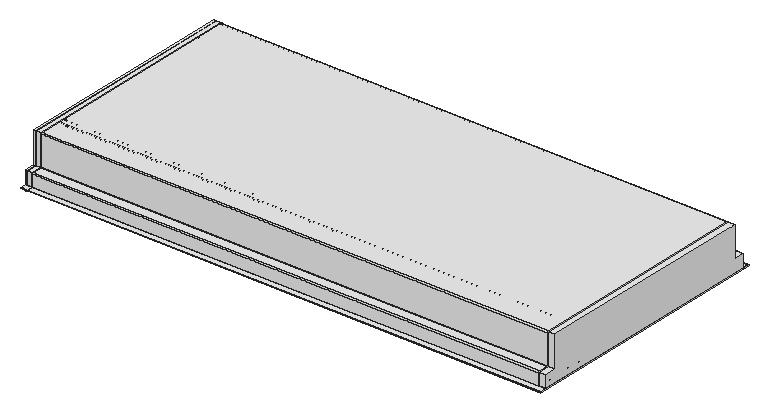
Revit family "MBH1", category Lighting Fixtures, host Ceiling, Revit 2019
Family settings
  Host = Ceiling
  Round Connector Dimension = Use Diameter
  Part Type = Normal
  OmniClass Number = 23.80.70.11.14.17
  OmniClass Title = Direct/Indirect
  Always vertical = Yes
  Cut with Voids When Loaded = No
  Light Source = Yes
  Shared = No
  Room Calculation Point = No
Parameters (values of type "MBH1x2X4-LED840K45_80LUNV-C84G-P08")
  Width = 1' - 11 3/4"
  Wattage = 113 W
  built-in parameter 1150110 = 1 (stored number, unit not read)
  Voltage = 120 V
  URL = "https://www.viscor.com/en/products/md1u-patient-room"
  built-in parameter 1114217 = 0.9 (stored number, unit not read)
  Tilt Angle = 90.00°
  built-in parameter 1150109 = 1 (stored number, unit not read)
  built-in parameter 1150134 = 12
  built-in parameter 1150113 = 1 (stored number, unit not read)
  Photometric Web File = "MBH1x2X4-LED840K45_80LUNV-C84G-P08.ies"
  Model = "MD1U Patient Room"  # constant formula
  Manufacturer = "CERTOLUX by VISCOR"  # constant formula
  Lumens = 12543 lm
  built-in parameter 1150115 = 1 (stored number, unit not read)
  built-in parameter 1150105 = 998.14 (stored number, unit not read)
  built-in parameter 1150137 = (empty or 0)
  built-in parameter 1150139 = (empty or 0)
  Lens Finish = Polycarbonate - Viscor - Clear Flat Smooth Lens
  Length = 3' - 11 3/4"
  Lamp Wattage = 113 VA
  built-in parameter 1150112 = 1 (stored number, unit not read)
  built-in parameter 1150114 = 1 (stored number, unit not read)
  Lamp = "LED"  # constant formula
  built-in parameter 1150132 = (empty or 0)
  built-in parameter 1150102 = (empty or 0)
  built-in parameter 1150138 = (empty or 0)
  built-in parameter 1150107 = 4000 (stored number, unit not read)
  built-in parameter 1150106 = 9.9814 (stored number, unit not read)
  Housing Finish = Metal - Viscor - White
  Emit from Rectangle Width = Width  # 1' - 11 3/4"
  Emit from Rectangle Length = Length  # 3' - 11 3/4"
  Emit Shape Visible in Rendering = no
  built-in parameter 1150104 = 10.312 (stored number, unit not read)
  Dimming Lamp Color Temperature Shift = <None>
  Diffuser Finish = Polycarbonate - Viscor - Frosted Formed
  Description = "LED Medical 1 Recessed Patient Room"  # constant formula
  Color Filter = 16777215
  built-in parameter 1114218 = 1 (stored number, unit not read)
  built-in parameter 1150133 = 10 (stored number, unit not read)
  Assembly Code = "D5020200"
  Apparent Load = Lamp Wattage  # 113 VA
Types (5): name | Wattage | Photometric Web File | Lumens | built-in parameter 1150105 | Length | Lamp Wattage | built-in parameter 1150106 | Emit from Rectangle Length | built-in parameter 1150104 | Apparent Load
  (no name) | 113 W | "MBH1x2X4-LED840K45_80LUNV-C84G-P08.ies" | 12543 lm | 998.14 (stored number, unit not read) | 3' - 11 3/4" | 113 VA | 9.9814 (stored number, unit not read) | 3' - 11 3/4" | 10.312 (stored number, unit not read) | 113 VA
  MBH1x2X2-LED840K30LUNV-C84G-P08 | 27 W | "MBH1x2X2-LED840K30LUNV-C84G-P08.ies" | 2997 lm | 238.49 (stored number, unit not read) | 1' - 11 3/4" | 27 VA | 2.3849 (stored number, unit not read) | 1' - 11 3/4" | 10.312 (stored number, unit not read) | 27 VA
  MBH1x2X4-LED840K45_80LUNV-C84G-P08 | 113 W | "MBH1x2X4-LED840K45_80LUNV-C84G-P08.ies" | 12543 lm | 998.14 (stored number, unit not read) | 3' - 11 3/4" | 113 VA | 9.9814 (stored number, unit not read) | 3' - 11 3/4" | 10.312 (stored number, unit not read) | 113 VA
  MBH1x2X2-LED840K30_60LUNV-C84G-P08 | 79 W | "MBH1x2X2-LED840K30_60LUNV-C84G-P08.ies" | 9006 lm | 716.67 (stored number, unit not read) | 1' - 11 3/4" | 79 VA | 7.1667 (stored number, unit not read) | 1' - 11 3/4" | 10.591 (stored number, unit not read) | 79 VA
  MBH1x2X4-LED840K45LUNV-C84G-P08 | 40 W | "MBH1x2X4-LED840K45LUNV-C84G-P08.ies" | 4480 lm | 356.51 (stored number, unit not read) | 3' - 11 3/4" | 40 VA | 3.5651 (stored number, unit not read) | 3' - 11 3/4" | 10.405 (stored number, unit not read) | 40 VA
Reference planes (in)
  plane 1 "Light Source Axis (F/B)": y = 0
  plane 2 "Ceiling": z = 96
  plane 3 "Light Source Axis (L/R)": x = 0
  plane 4 "Light Source Elevation": z = 96
  plane 5: y = 11.875
  plane 6: y = -11.875
  plane 7 "Left": x = -23.875
  plane 8 "Right": x = 23.875
  plane 9: x = -23.25
  plane 10: x = 23.25
  plane 11: x = -22.625
  plane 12: x = 22.625
  plane 13 "USofFrame": z = 96.045
  plane 14: y = -11.25
  plane 15: y = 11.25
  plane 16 "Lens": z = 96.17
  plane 17: x = -22
  plane 18: x = 22
Forms (in)
  Extrusion 1, solid, material "Metal - Viscor - White" <- "Housing Finish"
    sketch origin (0, 0, 0) x (0, 1, 0) y (0, 0, 1)
      loop
        arc (11.3015, 97.168) -> (11.28217, 97.21467) -> (11.2355, 97.234) r 0.066
        line (11.2355, 97.234) -> (10.3115, 97.234)
        arc (10.3115, 97.234) -> (10.29029, 97.24279) -> (10.2815, 97.264) r 0.03
        line (10.2815, 97.264) -> (10.2815, 100.007)
        arc (10.2815, 100.007) -> (10.26217, 100.05367) -> (10.2155, 100.073) r 0.066
        line (10.2155, 100.073) -> (-10.2155, 100.073)
        arc (-10.2155, 100.073) -> (-10.26217, 100.05367) -> (-10.2815, 100.007) r 0.066
        line (-10.2815, 100.007) -> (-10.2815, 97.264)
        arc (-10.2815, 97.264) -> (-10.29029, 97.24279) -> (-10.3115, 97.234) r 0.03
        line (-10.3115, 97.234) -> (-11.2355, 97.234)
        arc (-11.2355, 97.234) -> (-11.28217, 97.21467) -> (-11.3015, 97.168) r 0.066
        line (-11.3015, 97.168) -> (-11.3015, 96.073) -> (-11.26634, 96.073) -> (-11.26634, 97.168)
        arc (-11.26634, 97.168) -> (-11.25731, 97.18981) -> (-11.2355, 97.19884) r 0.03084
        line (-11.2355, 97.19884) -> (-10.3115, 97.19884)
        arc (-10.3115, 97.19884) -> (-10.26543, 97.21793) -> (-10.24634, 97.264) r 0.06516
        line (-10.24634, 97.264) -> (-10.24634, 100.007)
        arc (-10.24634, 100.007) -> (-10.23731, 100.02881) -> (-10.2155, 100.03784) r 0.03084
        line (-10.2155, 100.03784) -> (10.2155, 100.03784)
        arc (10.2155, 100.03784) -> (10.23731, 100.02881) -> (10.24634, 100.007) r 0.03084
        line (10.24634, 100.007) -> (10.24634, 97.264)
        arc (10.24634, 97.264) -> (10.26543, 97.21793) -> (10.3115, 97.19884) r 0.06516
        line (10.3115, 97.19884) -> (11.2355, 97.19884)
        arc (11.2355, 97.19884) -> (11.25731, 97.18981) -> (11.26634, 97.168) r 0.03084
        line (11.26634, 97.168) -> (11.26634, 96.073) -> (11.3015, 96.073) -> (11.3015, 97.168)
    from -23.25 to 23.25
  Extrusion 2, solid
    sketch origin (0, 0, 0) x (0, 1, 0) y (0, 0, 1)
      loop
        arc (7.664, 100.03702) -> (7.61097, 100.01506) -> (7.58901, 99.96204) r 0.07499
        line (7.58901, 99.96204) -> (7.589, 99.487)
        arc (7.589, 99.487) -> (7.57758, 99.45942) -> (7.55, 99.448) r 0.039
        line (7.55, 99.448) -> (-7.55, 99.448)
        arc (-7.55, 99.448) -> (-7.57758, 99.45942) -> (-7.589, 99.487) r 0.039
        line (-7.589, 99.487) -> (-7.589, 99.96195)
        arc (-7.589, 99.96195) -> (-7.61097, 100.01498) -> (-7.664, 100.037) r 0.075
        line (-7.664, 100.037) -> (-8.214, 100.037) -> (-8.214, 100.00184) -> (-7.664, 100.00179)
        arc (-7.664, 100.00179) -> (-7.63583, 99.99012) -> (-7.62416, 99.96195) r 0.03984
        line (-7.62416, 99.96195) -> (-7.62416, 99.487)
        arc (-7.62416, 99.487) -> (-7.60244, 99.43456) -> (-7.55, 99.41284) r 0.07416
        line (-7.55, 99.41284) -> (7.55, 99.41284)
        arc (7.55, 99.41284) -> (7.60244, 99.43456) -> (7.62417, 99.487) r 0.07416
        line (7.62417, 99.487) -> (7.62417, 99.96204)
        arc (7.62417, 99.96204) -> (7.63583, 99.9902) -> (7.664, 100.00187) r 0.03983
        line (7.664, 100.00187) -> (8.214, 100.00187) -> (8.214, 100.03702) -> (7.664, 100.03702)
    from -23.25 to 23.25
  Extrusion 3, solid, material "Metal - Viscor - White" <- "Housing Finish"
    sketch origin (0, 0, 0) x (0, 1, 0) y (0, 0, 1)
      loop
        line (11.299, 96.095) -> (11.299, 97.234) -> (10.2815, 97.234) -> (10.2815, 100.073) -> (-10.2815, 100.073) -> (-10.2815, 97.234) -> (-11.3015, 97.234) -> (-11.3015, 96.095) -> (11.299, 96.095)
    from -23.875 to -23.25
  Extrusion 4, void
    sketch origin (-23.25, 0, 0) x (0, -1, 0) y (0, 0, 1)
      loop
        line (10.24634, 100.03784) -> (-10.24634, 100.03784) -> (-10.24634, 97.19884) -> (-11.26384, 97.19884) -> (-11.26384, 95.874) -> (11.26634, 95.874) -> (11.26634, 97.19884) -> (10.24634, 97.19884) -> (10.24634, 100.03784)
    from 0 to 0.47339
  Extrusion 5, solid, material "Metal - Viscor - White" <- "Housing Finish"
    sketch origin (0, 0, 0) x (0, 1, 0) y (0, 0, -1)
      loop
        line (11.299, -96.095) -> (-11.3015, -96.095) -> (-11.3015, -97.234) -> (-10.2815, -97.234) -> (-10.2815, -100.073) -> (10.2815, -100.073) -> (10.2815, -97.234) -> (11.299, -97.234) -> (11.299, -96.095)
    from -23.875 to -23.25
  Extrusion 6, void
    sketch origin (23.25, 0, 0) x (0, -1, 0) y (0, 0, -1)
      loop
        line (10.24634, -100.03784) -> (10.24634, -97.19884) -> (11.26634, -97.19884) -> (11.26634, -96.13016) -> (-11.26384, -96.13016) -> (-11.26384, -97.19884) -> (-10.24634, -97.19884) -> (-10.24634, -100.03784) -> (10.24634, -100.03784)
    from 0 to 0.47339
  Extrusion 7, solid, material "Metal - Viscor - White" <- "Housing Finish"
    sketch origin (0, 0, 0) x (0, 1, 0) y (0, 0, 1)
      loop
        line (10.39827, 96.724) -> (9.1406, 97.23213) -> (7.45632, 99.38791)
        arc (7.45632, 99.38791) -> (7.43432, 99.40566) -> (7.40677, 99.412) r 0.063
        line (7.40677, 99.412) -> (6.8125, 99.412) -> (6.8125, 99.38075) -> (7.42226, 99.38075) -> (9.12113, 97.20629) -> (10.38657, 96.69503) -> (10.39827, 96.724)
    from -22.625 to 22.625
  Extrusion 8, solid, material "Metal - Viscor - White" <- "Housing Finish"
    sketch origin (0, 0, 0) x (0, -1, 0) y (0, 0, -1)
      loop
        line (10.39827, -96.724) -> (10.38657, -96.69503) -> (9.12113, -97.20629) -> (7.42226, -99.38075) -> (6.8125, -99.38075) -> (6.8125, -99.412) -> (7.40677, -99.412)
        arc (7.40677, -99.412) -> (7.43432, -99.40566) -> (7.45632, -99.38791) r 0.063
        line (7.45632, -99.38791) -> (9.1406, -97.23213) -> (10.39827, -96.724)
    from -22.625 to 22.625
  Extrusion 9, solid, material "Metal - Viscor - White" <- "Housing Finish"
    sketch origin (0, 0, 0) x (0, 1, 0) y (0, 0, 1)
      loop
        line (11.8745, 96) -> (11.8745, 96.04687) -> (11.2715, 96.04688)
        arc (11.2715, 96.04688) -> (11.24313, 96.05863) -> (11.23067, 96.087) r 0.04012
        line (11.23067, 96.087) -> (11.23067, 96.63488) -> (-11.23138, 96.63488) -> (-11.23138, 96.087)
        arc (-11.23138, 96.087) -> (-11.24313, 96.05863) -> (-11.2715, 96.04687) r 0.04012
        line (-11.2715, 96.04687) -> (-11.8745, 96.04687) -> (-11.8745, 96) -> (-11.2715, 96)
        arc (-11.2715, 96) -> (-11.20998, 96.02548) -> (-11.1845, 96.087) r 0.087
        line (-11.1845, 96.087) -> (-11.1845, 96.588) -> (11.18379, 96.588) -> (11.1845, 96.087)
        arc (11.1845, 96.087) -> (11.20998, 96.02548) -> (11.2715, 96) r 0.087
        line (11.2715, 96) -> (11.8745, 96)
    from -23.875 to 23.875
  Extrusion 10, solid, material "Metal - Viscor - White" <- "Housing Finish"
    sketch origin (0, 0, 96) x (1, 0, 0) y (0, 1, 0)
      loop
        line (-23.875, -11.875) -> (-23.25, -11.875) -> (-23.25, 11.875) -> (-23.875, 11.875) -> (-23.875, -11.875)
    from 0 to 0.045
  Extrusion 11, solid, material "Metal - Viscor - White" <- "Housing Finish"
    sketch origin (0, 0, 96) x (1, 0, 0) y (0, 1, 0)
      loop
        line (23.25, -11.875) -> (23.875, -11.875) -> (23.875, 11.875) -> (23.25, 11.875) -> (23.25, -11.875)
    from 0 to 0.045
  Extrusion 12, solid, material "Metal - Viscor - White" <- "Housing Finish"
    sketch origin (0, 0, 96) x (1, 0, 0) y (0, 1, 0)
      loop
        line (-23.25, -11.25) -> (23.25, -11.25) -> (23.25, 11.25) -> (-23.25, 11.25) -> (-23.25, -11.25)
      loop
        line (-22, -10) -> (22, -10) -> (22, 10) -> (-22, 10) -> (-22, -10)
    from 0 to 0.045
  Extrusion 13, void
    sketch origin (0, 0, 96) x (1, 0, 0) y (0, 1, 0)
      loop
        line (-22.25, -10.25) -> (22.25, -10.25) -> (22.25, 10.25) -> (-22.25, 10.25) -> (-22.25, -10.25)
    from 0.045 to 0.17
  Extrusion 14, void
    sketch origin (43.99109, -53.88196, 0) x (1, 0, 0) y (0, 1, 0)
      loop
        line (-67.86609, 65.75696) -> (-67.86609, 42.00696) -> (-20.11609, 42.00696) -> (-20.11609, 65.75696) -> (-67.86609, 65.75696)
    from 95.9005 to 100.5
  Extrusion 15, solid, material "Polycarbonate - Viscor - Frosted Formed" <- "Diffuser Finish"
    sketch origin (0, 0, 0) x (0, 1, 0) y (0, 0, 1)
      loop
        line (9.88126, 96.04603) -> (2.53279, 97.20992)
        arc (2.53279, 97.20992) -> (2.47234, 97.19456) -> (2.44186, 97.14015) r 0.079
        line (2.44186, 97.14015) -> (2.37415, 96.49592)
        arc (2.37415, 96.49592) -> (2.36146, 96.47102) -> (2.33537, 96.461) r 0.039
        line (2.33537, 96.461) -> (-2.33537, 96.461)
        arc (-2.33537, 96.461) -> (-2.36146, 96.47102) -> (-2.37415, 96.49592) r 0.039
        line (-2.37415, 96.49592) -> (-2.44186, 97.14015)
        arc (-2.44186, 97.14015) -> (-2.47234, 97.19456) -> (-2.53279, 97.20992) r 0.079
        line (-2.53279, 97.20992) -> (-9.88126, 96.04603) -> (-9.875, 96.00652) -> (-2.52653, 97.17041)
        arc (-2.52653, 97.17041) -> (-2.49669, 97.16283) -> (-2.48165, 97.13596) r 0.039
        line (-2.48165, 97.13596) -> (-2.41394, 96.49174)
        arc (-2.41394, 96.49174) -> (-2.38823, 96.44129) -> (-2.33537, 96.421) r 0.079
        line (-2.33537, 96.421) -> (2.33537, 96.421)
        arc (2.33537, 96.421) -> (2.38823, 96.44129) -> (2.41394, 96.49174) r 0.079
        line (2.41394, 96.49174) -> (2.48165, 97.13596)
        arc (2.48165, 97.13596) -> (2.49669, 97.16283) -> (2.52653, 97.17041) r 0.039
        line (2.52653, 97.17041) -> (9.875, 96.00652) -> (9.88126, 96.04603)
    from -22 to 22
  Extrusion 16, solid, material "Polycarbonate - Viscor - Clear Flat Smooth Lens" <- "Lens Finish"
    sketch origin (0, 0, 0) x (0, 1, 0) y (0, 0, 1)
      loop
        line (10.125, 96.05) -> (10.125, 96.175) -> (-10.125, 96.175) -> (-10.125, 96.05) -> (10.125, 96.05)
    from -22.625 to 22.625
Cuts and joins
  Extrusion 4, Extrusion 6 cuts Extrusion 2
  Extrusion 4, Extrusion 6 cuts Extrusion 3
  Extrusion 6 cuts Extrusion 5
Dimensions and locks (in)
  equal spacing: host sketch curve, plane 3 "Light Source Axis (L/R)", host sketch curve
  equal spacing: host sketch curve, plane 1 "Light Source Axis (F/B)", host sketch curve
  host sketch curve to host sketch curve = 10' - 0"  (x2)
  equal spacing: plane 7 "Left", plane 3 "Light Source Axis (L/R)", plane 8 "Right"
  "Length": plane 7 "Left" to plane 8 "Right"
  equal spacing: plane 5, plane 1 "Light Source Axis (F/B)", plane 6
  "Width": plane 5 to plane 6
  locked: plane 11 to plane 9 at 0.625
  locked: plane 7 "Left" to plane 9 at 0.625
  plane 12 to plane 10 = 0' - 0 5/8"
  plane 10 to plane 8 "Right" = 0' - 0 5/8"
  locked: plane 13 "USofFrame" to plane 2 "Ceiling" at 0.045
  equal spacing: plane 5, Extrusion 12 sketch curve, Extrusion 12 sketch curve
  equal spacing: plane 7 "Left", Extrusion 12 sketch curve, Extrusion 12 sketch curve
  locked: plane 6 to Extrusion 12 sketch curve at 0.625
  locked: plane 8 "Right" to Extrusion 12 sketch curve at 0.625
  plane 16 "Lens" to plane 13 "USofFrame" = 0' - 0 1/8"
  locked: plane 7 "Left" to plane 17 at 1.875
  locked: plane 18 to plane 8 "Right" at 1.875
  aligned and locked: plane 3 "Light Source Axis (L/R)" to imposter light
  aligned and locked: plane 1 "Light Source Axis (F/B)" to imposter light
  aligned and locked: plane 4 "Light Source Elevation" to imposter light
  aligned and locked: Extrusion 1 to plane 9
  aligned and locked: plane 10 to Extrusion 1
  aligned and locked: Extrusion 2 to plane 9
  aligned and locked: plane 10 to Extrusion 2
  aligned and locked: Extrusion 3 to plane 7 "Left"
  aligned and locked: plane 9 to Extrusion 3
  aligned and locked: Extrusion 7 to plane 11
  aligned and locked: plane 12 to Extrusion 7
  aligned and locked: Extrusion 8 to plane 11
  aligned and locked: plane 12 to Extrusion 8
  aligned and locked: plane 8 "Right" to cut or joined group of Extrusion 5, Extrusion 6
  aligned and locked: cut or joined group of Extrusion 5, Extrusion 6 to plane 10
  aligned and locked: Extrusion 9 to plane 7 "Left"
  aligned and locked: plane 8 "Right" to Extrusion 9
  aligned and locked: Extrusion 10 sketch curve to plane 7 "Left"
  aligned and locked: plane 9 to Extrusion 10 sketch curve
  aligned and locked: plane 13 "USofFrame" to Extrusion 10
  aligned and locked: Extrusion 11 sketch curve to plane 10
  aligned and locked: Extrusion 11 sketch curve to plane 6
  aligned and locked: plane 5 to Extrusion 11 sketch curve
  aligned and locked: plane 13 "USofFrame" to Extrusion 11
  aligned and locked: plane 13 "USofFrame" to Extrusion 12
  aligned and locked: Extrusion 13 to plane 13 "USofFrame"
  aligned and locked: plane 16 "Lens" to Extrusion 13
  aligned and locked: Extrusion 14 to plane 7 "Left"
  aligned and locked: plane 8 "Right" to Extrusion 14
  aligned and locked: Extrusion 14 to plane 6
  aligned and locked: plane 5 to Extrusion 14
  aligned and locked: Extrusion 15 to plane 17
  aligned and locked: plane 18 to Extrusion 15
  aligned and locked: Extrusion 16 to plane 11
  aligned and locked: plane 12 to Extrusion 16
Automatic sketch dimensions
  Extrusion 1 sketch curve to Extrusion 1 sketch curve = 0' - 0"  (x12)
  plane 2 "Ceiling" to Extrusion 1 sketch curve = 0' - 0.073"  (x2)
  plane 6 to Extrusion 1 sketch curve = 0' - 0.5735"
  Extrusion 1 sketch curve to Extrusion 1 sketch curve = 0' - 0 9/256"
  Extrusion 1 sketch curve to Extrusion 1 sketch curve = 0' - 0.03084"  (x4)
  Extrusion 1 sketch curve to Extrusion 1 sketch curve = 0' - 0.924"
  Extrusion 1 sketch curve to Extrusion 1 sketch curve = 0' - 0.03"  (x2)
  Extrusion 1 sketch curve to plane 5 = 0' - 1.6595"
  Extrusion 1 sketch curve to plane 5 = 0' - 0.6395"
  Extrusion 1 sketch curve to Extrusion 1 sketch curve = 0' - 1.095"  (x2)
  Extrusion 1 sketch curve to Extrusion 1 sketch curve = 0' - 2.743"
  Extrusion 2 sketch curve to Extrusion 2 sketch curve = 0' - 0"  (x18)
  plane 6 to Extrusion 2 sketch curve = 0' - 3.661"
  Extrusion 2 sketch curve to Extrusion 2 sketch curve = 0' - 0.55"  (x2)
  Extrusion 2 sketch curve to Extrusion 2 sketch curve = 0' - 0.03984"
  Extrusion 2 sketch curve to Extrusion 2 sketch curve = 0' - 0 9/256"  (x4)
  Extrusion 2 sketch curve to Extrusion 2 sketch curve = 0' - 0.039"  (x3)
  Extrusion 2 sketch curve to plane 5 = 0' - 4.325"
  Extrusion 2 sketch curve to Extrusion 2 sketch curve = 0' - 0.03901"
  Extrusion 2 sketch curve to Extrusion 2 sketch curve = 0' - 0.03983"
  plane 2 "Ceiling" to Extrusion 2 sketch curve = 0' - 3.41284"
  Extrusion 2 sketch curve to Extrusion 2 sketch curve = 0' - 0.47495"
  Extrusion 2 sketch curve to Extrusion 2 sketch curve = 0' - 0.47504"
  Extrusion 2 sketch curve to Extrusion 2 sketch curve = 0' - 0.00005"
  plane 2 "Ceiling" to Extrusion 3 sketch curve = 0' - 0.095"
  plane 6 to Extrusion 3 sketch curve = 0' - 0.5735"
  Extrusion 3 sketch curve to Extrusion 3 sketch curve = 0' - 1.02"
  Extrusion 3 sketch curve to plane 5 = 0' - 1.5935"
  Extrusion 3 sketch curve to plane 5 = 0' - 0.576"
  Extrusion 3 sketch curve to Extrusion 3 sketch curve = 0' - 1.139"  (x2)
  Extrusion 3 sketch curve to Extrusion 3 sketch curve = 0' - 2.839"
  Extrusion 3 to Extrusion 4 sketch curve = 0' - 0 9/256"  (x7)
  Extrusion 4 sketch curve to Extrusion 3 = 0' - 0.221"
  plane 2 "Ceiling" to Extrusion 5 sketch curve = 0' - 0.095"
  plane 6 to Extrusion 5 sketch curve = 0' - 0.5735"
  Extrusion 5 sketch curve to Extrusion 5 sketch curve = 0' - 1.02"
  Extrusion 5 sketch curve to plane 5 = 0' - 1.5935"
  Extrusion 5 sketch curve to plane 5 = 0' - 0.576"
  plane 2 "Ceiling" to Extrusion 5 sketch curve = 0' - 1.234"
  Extrusion 5 sketch curve to Extrusion 5 sketch curve = 0' - 1.139"
  Extrusion 5 sketch curve to Extrusion 5 sketch curve = 0' - 2.839"
  Extrusion 5 to Extrusion 6 sketch curve = 0' - 0 9/256"  (x8)
  Extrusion 7 sketch curve to plane 5 = 0' - 5 1/16"
  Extrusion 7 sketch curve to Extrusion 7 sketch curve = 0' - 0.59427"
  Extrusion 7 sketch curve to Extrusion 7 sketch curve = 0' - 0.01549"
  Extrusion 7 sketch curve to Extrusion 7 sketch curve = 0' - 0.03406"
  plane 2 "Ceiling" to Extrusion 7 sketch curve = 0' - 1.20629"
  Extrusion 7 sketch curve to Extrusion 7 sketch curve = 0' - 1.71436"
  plane 2 "Ceiling" to Extrusion 7 sketch curve = 0' - 1.23213"
  Extrusion 7 sketch curve to Extrusion 7 sketch curve = 0' - 0.01947"
  plane 2 "Ceiling" to Extrusion 7 sketch curve = 0' - 0.69503"
  Extrusion 7 sketch curve to Extrusion 7 sketch curve = 0' - 1.24597"
  Extrusion 7 sketch curve to Extrusion 7 sketch curve = 0' - 2.11687"
  Extrusion 7 sketch curve to Extrusion 7 sketch curve = 0' - 0.03175"
  Extrusion 7 sketch curve to Extrusion 7 sketch curve = 0' - 0.00716"
  Extrusion 7 sketch curve to Extrusion 7 sketch curve = 0' - 0 1/32"
  Extrusion 7 sketch curve to Extrusion 7 sketch curve = 0' - 0"
  Extrusion 8 sketch curve to plane 6 = 0' - 5 1/16"
  Extrusion 8 sketch curve to Extrusion 8 sketch curve = 0' - 0.59427"
  Extrusion 8 sketch curve to Extrusion 8 sketch curve = 0' - 0.01549"
  Extrusion 8 sketch curve to Extrusion 8 sketch curve = 0' - 0.03406"
  Extrusion 8 sketch curve to plane 2 "Ceiling" = 0' - 1.20629"
  Extrusion 8 sketch curve to Extrusion 8 sketch curve = 0' - 1.71436"
  Extrusion 8 sketch curve to plane 2 "Ceiling" = 0' - 1.23213"
  Extrusion 8 sketch curve to Extrusion 8 sketch curve = 0' - 0.01947"
  Extrusion 8 sketch curve to plane 2 "Ceiling" = 0' - 0.69503"
  Extrusion 8 sketch curve to Extrusion 8 sketch curve = 0' - 1.24597"
  Extrusion 8 sketch curve to Extrusion 8 sketch curve = 0' - 2.11687"
  Extrusion 8 sketch curve to Extrusion 8 sketch curve = 0' - 0.03175"
  Extrusion 8 sketch curve to Extrusion 8 sketch curve = 0' - 0.00716"
  Extrusion 8 sketch curve to Extrusion 8 sketch curve = 0' - 0 1/32"
  Extrusion 8 sketch curve to Extrusion 8 sketch curve = 0' - 0"
  Extrusion 9 sketch curve to Extrusion 9 sketch curve = 0' - 0"  (x15)
  plane 6 to Extrusion 9 sketch curve = 0' - 0.0005"
  plane 2 "Ceiling" to Extrusion 9 sketch curve = 0' - 0.087"  (x2)
  plane 6 to Extrusion 9 sketch curve = 0' - 0.6035"
  Extrusion 9 sketch curve to Extrusion 9 sketch curve = 0' - 0.04013"
  Extrusion 9 sketch curve to Extrusion 9 sketch curve = 0' - 0 3/64"  (x3)
  Extrusion 9 sketch curve to plane 5 = 0' - 0.69121"
  Extrusion 9 sketch curve to Extrusion 9 sketch curve = 0' - 0.04083"
  plane 2 "Ceiling" to Extrusion 9 sketch curve = 0' - 0 3/64"
  Extrusion 9 sketch curve to plane 2 "Ceiling" = 0' - 0"  (x2)
  Extrusion 9 sketch curve to Extrusion 9 sketch curve = 0' - 0.501"
  Extrusion 9 sketch curve to Extrusion 9 sketch curve = 0' - 0.00071"  (x2)
  Extrusion 9 sketch curve to plane 5 = 0' - 0.0005"
  Extrusion 10 sketch curve to plane 6 = 0' - 0"
  Extrusion 10 sketch curve to plane 5 = 0' - 0"
  Extrusion 11 sketch curve to plane 8 "Right" = 0' - 0"
  Extrusion 12 sketch curve to plane 9 = 0' - 0"
  plane 11 to Extrusion 12 sketch curve = 0' - 0 5/8"
  Extrusion 12 sketch curve to plane 12 = 0' - 0 5/8"
  Extrusion 12 sketch curve to Extrusion 12 sketch curve = 0' - 1 1/4"
  Extrusion 12 sketch curve to plane 5 = 0' - 1 7/8"
  Extrusion 12 sketch curve to plane 5 = 0' - 0 5/8"
  plane 11 to Extrusion 13 sketch curve = 0' - 0 3/8"
  Extrusion 13 sketch curve to plane 12 = 0' - 0 3/8"
  plane 6 to Extrusion 13 sketch curve = 0' - 1 5/8"
  Extrusion 13 sketch curve to plane 5 = 0' - 1 5/8"
  Extrusion 14 sketch curve to plane 5 = 1' - 11 3/4"
  Extrusion 14 sketch curve to plane 7 "Left" = 0' - 0"
  plane 7 "Left" to Extrusion 14 sketch curve = 3' - 11 3/4"
  Extrusion 14 sketch curve to Extrusion 14 sketch curve = 1' - 11 3/4"
  plane 2 "Ceiling" to Extrusion 15 sketch curve = 0' - 0.00652"  (x2)
  Extrusion 15 sketch curve to plane 5 = 0' - 2"
  plane 16 "Lens" to Extrusion 15 sketch curve = 0' - 1.00041"
  Extrusion 15 sketch curve to plane 1 "Light Source Axis (F/B)" = 0' - 2.52653"
  plane 13 "USofFrame" to Extrusion 15 sketch curve = 0' - 0.00103"  (x2)
  plane 16 "Lens" to Extrusion 15 sketch curve = 0' - 1.03992"
  Extrusion 15 sketch curve to Extrusion 15 sketch curve = 0' - 0.0061"  (x2)
  Extrusion 15 sketch curve to Extrusion 15 sketch curve = 0' - 0.03852"
  Extrusion 15 sketch curve to Extrusion 15 sketch curve = 0' - 0.03879"  (x4)
  Extrusion 15 sketch curve to Extrusion 15 sketch curve = 0' - 0"  (x8)
  Extrusion 15 sketch curve to Extrusion 15 sketch curve = 0' - 0.03978"  (x3)
  plane 16 "Lens" to Extrusion 15 sketch curve = 0' - 0.32592"
  Extrusion 15 sketch curve to Extrusion 15 sketch curve = 0' - 0.06771"  (x2)
  plane 16 "Lens" to Extrusion 15 sketch curve = 0' - 0.32174"
  Extrusion 15 sketch curve to Extrusion 15 sketch curve = 0' - 0.00408"  (x2)
  Extrusion 15 sketch curve to Extrusion 15 sketch curve = 0' - 0.039"
  Extrusion 15 sketch curve to Extrusion 15 sketch curve = 0' - 0.07857"
  plane 16 "Lens" to Extrusion 15 sketch curve = 0' - 0.96596"
  Extrusion 15 sketch curve to Extrusion 15 sketch curve = 0' - 0.00626"  (x2)
  plane 6 to Extrusion 15 sketch curve = 0' - 2"
  plane 16 "Lens" to Extrusion 16 sketch curve = 0' - 0.005"
  Extrusion 16 sketch curve to plane 5 = 0' - 1 3/4"
  plane 6 to Extrusion 16 sketch curve = 0' - 1 3/4"
  plane 13 "USofFrame" to Extrusion 16 sketch curve = 0' - 0.005"
Connectors (in)
  electrical at (0, 0, 96), driven by "Voltage", driven by "Apparent Load"
    settings: index 1, voltage 120 V, apparent load 0 VA, apparent load phase1 113 VA, apparent load phase2 0 VA, apparent load phase3 0 VA, power factor 1, load classification "Other", number of poles 1, system type 31, power factor state 1, is connector primary yes, connector utility no, sub classification motor no, connector description ""
